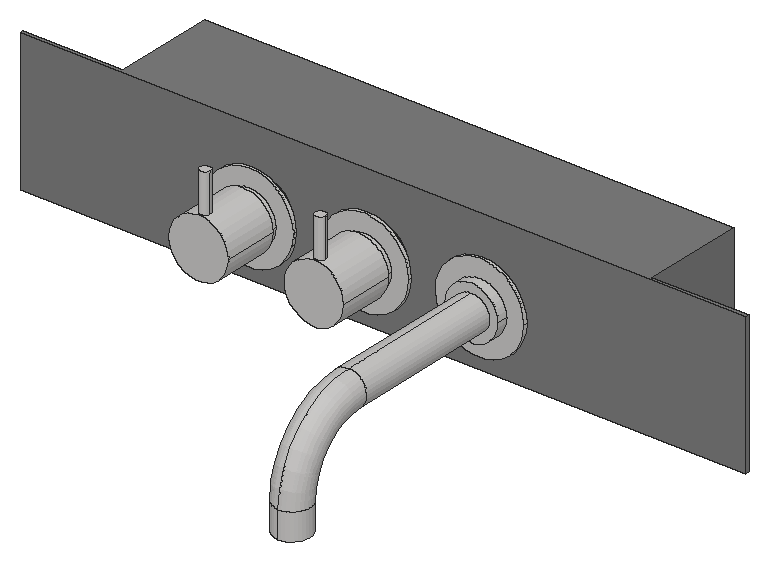
Revit family "611C", category Plumbing Fixtures, Revit 2021
Family settings
  Round Connector Dimension = Use Diameter
  Part Type = Normal
  Work Plane-Based = No
  Always vertical = Yes
  Cut with Voids When Loaded = No
  Shared = No
  Room Calculation Point = No
Parameters
  e-mail = "info@vola.com"
  URL = "http://vola.com"
  Telephone = "+45 7023 5500"
  Quality management standard = "ISO 9001"
  Organisation no. / DUNS no. = "17531328"
  Occupational health and safety management standard = "ISO 18001"
  Mounting Instructions = "http://vola.com/service/producturl.ashx?name=611C"
  Model = "611C"
  Mixer Offset [instance] = 12.00 mm
  Mixer = yes
  Materials and components information = "http://vola.com/service/producturl.ashx?name=611C"
  Manufacturer = "VOLA A/S"
  Maintenance Instructions = "http://vola.com/service/producturl.ashx?name=611C"
  Guarantee = "2 years"
  Flow = "30,00 l/min"
  Environmental management standard = "ISO 14000"
  Default Elevation = 0.00 mm
  Connection - All relevant connections = "½\" for water connection"
  Approvals = "http://vola.com/service/producturl.ashx?name=611C"
Reference planes
  plane 1 "Center (Front/Back)": y = 0
  plane 2: z = 0
  plane 3 "Center (Left/Right)": x = 0
  plane 4 "Mixer plane": y = 12
  plane 5 "Wall Surface": y = 0
Forms (mm)
  Extrusion 1, solid, material "Stainless Steel", visible <- "Mixer"
    sketch origin (-39, 12, -609.6) x (0, 0, -1) y (-1, 0, 0)
      loop
        circle (-609.6, 39) r 18
    from 0 to -12
  Extrusion 2, solid, material "Stainless Steel", visible <- "Mixer"
    sketch origin (-39, 12, -609.6) x (0, 0, -1) y (-1, 0, 0)
      loop
        circle (-609.6, -39) r 17
    from 0 to -12
  Extrusion 3, solid, material "Stainless Steel", visible <- "Mixer"
    sketch origin (-117, 12, -609.6) x (0, 0, -1) y (-1, 0, 0)
      loop
        circle (-609.6, 39) r 18
    from 0 to -12
Dimensions and locks
  "Mixer Offset": plane 4 "Mixer plane" to plane 1 "Center (Front/Back)"
  aligned and locked: plane 2 to level
  aligned and locked: plane 1 "Center (Front/Back)" to Extrusion 1
  aligned and locked: plane 1 "Center (Front/Back)" to Extrusion 2
  aligned and locked: nested 2 to plane 4 "Mixer plane"
  aligned and locked: plane 1 "Center (Front/Back)" to Extrusion 3
Automatic sketch dimensions
  Extrusion 1 sketch curve to level = 0.00 mm
  Extrusion 1 sketch curve to plane 3 "Center (Left/Right)" = 78.00 mm
  Extrusion 2 sketch curve to level = 0.00 mm
  Extrusion 2 sketch curve to plane 3 "Center (Left/Right)" = 0.00 mm
  Extrusion 3 sketch curve to level = 0.00 mm
  Extrusion 3 sketch curve to plane 3 "Center (Left/Right)" = 156.00 mm
  radius of Extrusion 1 sketch curve = 18.00 mm
  radius of Extrusion 2 sketch curve = 17.00 mm
  radius of Extrusion 3 sketch curve = 18.00 mm
Nested families
  nested 1: "001" at (0, 0, 0) x (1, 0, 0) z (0, -1, 0), type "001"
  nested 2: "600" at (-117, 83.5, -55), visible <- "Mixer", type "600"
  nested 3: "010C" at (0, -2, 0), type "010C"
  nested 4: "NR17" at (-78, -2, 0), type "NR17"
  nested 5: "NR17" at (-156, -2, 0), type "NR17"
  nested 6: "001" at (-78, 0, 0) x (1, 0, 0) z (0, -1, 0), type "001"
  nested 7: "001" at (-156, 0, 0) x (1, 0, 0) z (0, -1, 0), type "001"
Connectors
  piping at (-156, 60, -55), diameter 28
    settings: on nested 2, index 1, connector inside diameter 1.10236", connector length 0.00 mm, flow factor 0, pipe flow 0 GPM, pressure drop 0.00 psi, fitting loss kfactor 0, connector angle 0.00°, fixture units 0, engagement length 0.00 mm, angle of deflection 0.00°, flow configuration 0, flow direction 1, fitting loss method 0, system type 19, joint type 0, gender type 0, connector reference index -1, connector utility 0, adjustable connector no, is connector primary yes, connector description ""
  piping at (-78, 60, -55), diameter 28
    settings: on nested 2, index 2, connector inside diameter 1.10236", connector length 0.00 mm, flow factor 0, pipe flow 0 GPM, pressure drop 0.00 psi, fitting loss kfactor 0, connector angle 0.00°, fixture units 0, engagement length 0.00 mm, angle of deflection 0.00°, flow configuration 0, flow direction 1, fitting loss method 0, system type 20, joint type 0, gender type 0, connector reference index -1, connector utility 0, adjustable connector no, is connector primary no, connector description ""
Definition of nested family "001"
  Parameters
    e-mail = "info@vola.com"
    URL = "http://vola.com"
    Telephone = "+45 7023 5500"
    Quality management standard = "ISO 9001"
    Organisation no. / DUNS no. = "17531328"
    Occupational health and safety management standard = "ISO 18001"
    Mounting Instructions = "http://vola.com/service/producturl.ashx?name=001"
    Model = "001"
    Materials and components information = "http://vola.com/service/producturl.ashx?name=001"
    Manufacturer = "VOLA A/S"
    Maintenance Instructions = "http://vola.com/service/producturl.ashx?name=001"
    Guarantee = "2 years"
    Environmental management standard = "ISO 14000"
    Default Elevation = 1219.20 mm
    Connection - All relevant connections = ""
    Approvals = "http://vola.com/service/producturl.ashx?name=001"
  Reference planes
    plane 1 "Center (Front/Back)": y = 0
    plane 2: z = 0
    plane 3 "Center (Left/Right)": x = 0
  Forms (mm)
    Extrusion 1, solid
      sketch origin (0, 0, 0) x (1, 0, 0) y (0, 1, 0)
        loop
          circle (0, 0) r 16.5
        loop
          circle (0, 0) r 30
      from 0 to 2
  Dimensions and locks
    aligned and locked: plane 2 to level
Definition of nested family "600"
  Parameters
    e-mail = "info@vola.com"
    URL = "http://vola.com"
    Telephone = "+45 7023 5500"
    Quality management standard = "ISO 9001"
    Organisation no. / DUNS no. = "17531328"
    Occupational health and safety management standard = "ISO 18001"
    Mounting Instructions = "http://vola.com/service/producturl.ashx?name=600"
    Model = "600"
    Materials and components information = "http://vola.com/service/producturl.ashx?name=600"
    Manufacturer = "VOLA A/S"
    Maintenance Instructions = "http://vola.com/service/producturl.ashx?name=600"
    Guarantee = "2 years"
    Flow = "65,00 l/min"
    Environmental management standard = "ISO 14000"
    Default Elevation = 0.00 mm
    Connection - All relevant connections = ""
    Approvals = "http://vola.com/service/producturl.ashx?name=600"
  Reference planes
    plane 1 "Center (Front/Back)": y = 0
    plane 2: z = 0
    plane 3 "Center (Left/Right)": x = 0
    plane 4 "Front Plane": y = -71.5
    plane 5 "Inlet Center Plane": y = -23.5
    plane 6: z = 55
  Forms (mm)
    Extrusion 1, solid
      sketch origin (0, 0, -14) x (1, 0, 0) y (0, 1, 0)
        loop
          line (-137.5, 0) -> (-137.5, -69) -> (220.5, -69) -> (220.5, 0) -> (-137.5, 0)
      from 21.5 to 116.5
    Extrusion 2, solid
      sketch origin (51, 1.5, 7.5) x (0, 1, 0) y (1, 0, 0)
        loop
          circle (-25, -12) r 14
      from 0 to 7.5
    Extrusion 3, solid
      sketch origin (0, -1, -14) x (1, 0, 0) y (0, 1, 0)
        loop
          line (-205, -68) -> (-205, -70.5) -> (285.5, -70.5) -> (285.5, -68) -> (-205, -68)
      from 21.5 to 116.5
    Extrusion 4, solid
      sketch origin (-27, 1.5, 7.5) x (0, 1, 0) y (1, 0, 0)
        loop
          circle (-25, -12) r 14
      from 0 to 7.5
  Cuts and joins
    joined: Extrusion 1, Extrusion 3
  Lines and regions (mm)
    reference lines
      curve 1: line (-39, -23.5, 55) -> (-39, -111.5, 55)
      curve 2: line (39, -23.5, 55) -> (39, -109.5, 55)
      curve 3: line (39, -23.5, 55) -> (39, -23.5, -44)
      curve 4: line (-39, -23.5, 55) -> (-39, -23.5, -44)
      curve 5: line (117, -25.5, 55) -> (117, -111.5, 55)
      curve 6: line (117, -38, 55) -> (117, -38, 154)
      curve 7: line (117, -38, 55) -> (117, -38, -44)
  Dimensions and locks
    aligned and locked: plane 2 to level
    aligned and locked: plane 6 to curve 3
    aligned and locked: Extrusion 1 to Extrusion 3
    aligned and locked: Extrusion 3 to Extrusion 1
Definition of nested family "010C"
  Parameters
    e-mail = "info@vola.com"
    URL = "http://vola.com"
    Telephone = "+45 7023 5500"
    Quality management standard = "ISO 9001"
    Organisation no. / DUNS no. = "17531328"
    Occupational health and safety management standard = "ISO 18001"
    Mounting Instructions = "http://vola.com/service/producturl.ashx?name=010C"
    Model = "010C"
    Materials and components information = "http://vola.com/service/producturl.ashx?name=010C"
    Manufacturer = "VOLA A/S"
    Maintenance Instructions = "http://vola.com/service/producturl.ashx?name=010C"
    Guarantee = "2 years"
    Environmental management standard = "ISO 14000"
    Default Elevation = 0.00 mm
    Connection - All relevant connections = ""
    Approvals = "http://vola.com/service/producturl.ashx?name=010C"
  Reference planes
    plane 1 "Center (Front/Back)": y = 0
    plane 2: z = 0
    plane 3 "Center (Left/Right)": x = 0
  Forms (mm)
    Extrusion 1, solid
      sketch origin (0, 0, 0) x (1, 0, 0) y (0, 0, 1)
        loop
          circle (0, 0) r 18
      from 0 to 7
    Sweep 2, solid
      path origin (0, 10, 0) x (0, 1, 0) y (0, 0, 1)
        loop
          arc (-168.5, -47.5) -> (-154.588, -13.912) -> (-121, 0) r 47.5
          line (-121, 0) -> (-17, 0)
      profile origin (0, -59, 0) x (0, 0, 1) y (1, 0, 0)
        loop
          circle (0, 0) r 12
    Extrusion 3, solid
      sketch origin (0, -158.5, -47.5) x (1, 0, 0) y (0, -1, 0)
        loop
          circle (0, 0) r 12
      from 0 to 18
  Dimensions and locks
    aligned and locked: plane 2 to level
Definition of nested family "NR17"
  Parameters
    e-mail = "info@vola.com"
    URL = "http://vola.com"
    Telephone = "+45 7023 5500"
    Quality management standard = "ISO 9001"
    Organisation no. / DUNS no. = "17531328"
    Occupational health and safety management standard = "ISO 18001"
    Mounting Instructions = "http://vola.com/service/producturl.ashx?name=NR17"
    Model = "NR17"
    Materials and components information = "http://vola.com/service/producturl.ashx?name=NR17"
    Manufacturer = "VOLA A/S"
    Maintenance Instructions = "http://vola.com/service/producturl.ashx?name=NR17"
    Guarantee = "2 years"
    Environmental management standard = "ISO 14000"
    Default Elevation = 0.00 mm
    Connection - All relevant connections = ""
    Approvals = "http://vola.com/service/producturl.ashx?name=NR17"
  Reference planes
    plane 1 "Center (Front/Back)": y = 0
    plane 2: z = 0
    plane 3 "Center (Left/Right)": x = 0
  Forms (mm)
    Extrusion 1, solid
      sketch origin (0, 0, 0) x (1, 0, 0) y (0, 0, 1)
        loop
          circle (0, 0) r 20
      from 5 to 42.5
    Extrusion 2, solid
      sketch origin (0, -2.75, 0) x (0, -1, 0) y (1, 0, 0)
        loop
          circle (34.5, 0) r 3.5
      from 19 to 45.5
    Extrusion 3, solid
      sketch origin (0, 0, 0) x (1, 0, 0) y (0, 0, 1)
        loop
          circle (0, 0) r 18
      from 0 to 5
  Cuts and joins
    joined: Extrusion 1, Extrusion 2
  Dimensions and locks
    aligned and locked: plane 2 to level
